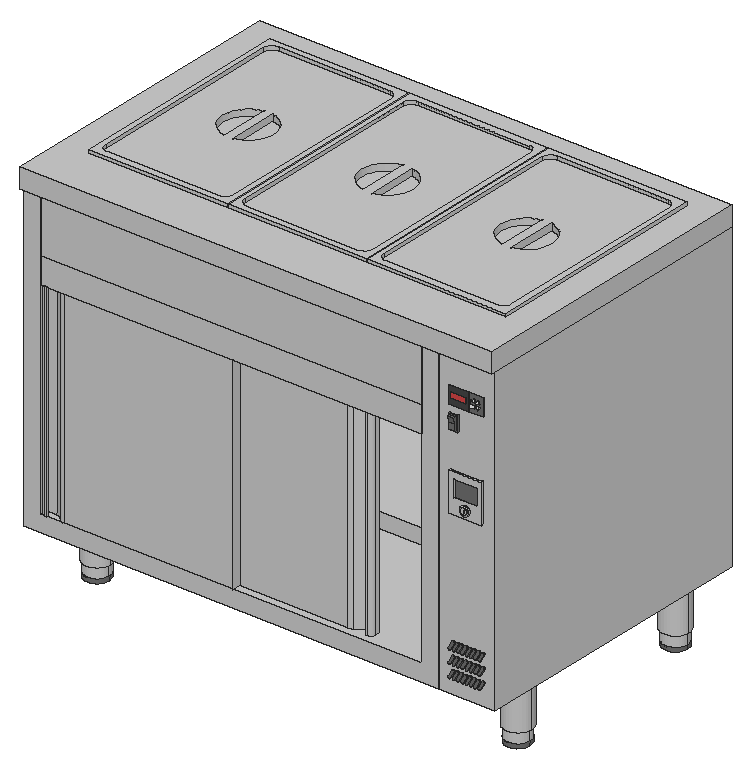
Revit family "QF_INOMAK_MHV711_250605093845", category Specialty Equipment, Revit 2021
Family settings
  Round Connector Dimension = Use Diameter
  Part Type = Normal
  OmniClass Number = 23.40.40.14
  OmniClass Title = Food Service Equipment
  Work Plane-Based = No
  Always vertical = Yes
  Cut with Voids When Loaded = No
  Shared = No
  Room Calculation Point = No
Parameters (values of type "MHV711")
  Weight [instance] = 53.00 kg
  Waste Water Discharge Temperature [instance] = 0 °C
  Waste Remarks [instance] = ""
  Warranty Start Date [instance] = ""
  Warranty Duration [instance] = ""
  Volts [instance] = 400 V
  Volt Free Conn [instance] = no
  URL Recommended Spares List [instance] = ""
  URL Manufacturer [instance] = ""
  URL Cutsheet [instance] = ""
  URL Critical Spares List [instance] = ""
  URL = "www.inomak.com"
  Technical Documentation [instance] = ""
  Tag Number [instance] = ""
  Status [instance] = ""
  Start Up Current [instance] = 0 A
  Specification by User [instance] = ""
  Specification by Manufacturer [instance] = ""
  Sound Level [instance] = ""
  Show Logo [instance] = yes
  Show Clearances [instance] = yes
  Service Life Duration [instance] = ""
  Serial Number [instance] = ""
  Seismic Rating [instance] = ""
  SMACNA No [instance] = ""
  Revision Code [instance] = ""
  Revision [instance] = ""
  Production Year [instance] = ""
  Potential Equalisation [instance] = no
  Point Load [instance] = 0
  Plumbing Remarks [instance] = ""
  Plumbing Connection Type [instance] = ""
  Phase [instance] = 3
  Other Equipment Approvals [instance] = ""
  Operational Current [instance] = 0 A
  Odor Trap Included [instance] = no
  Number of Poles [instance] = 3
  No Load Power Draw [instance] = no
  National Water Regulation Certification [instance] = no
  NAFEM Spec ID Number [instance] = ""
  Model Warning [instance] = ""
  Model = "MHV711"
  Min Ckt Ampacity [instance] = 0 A
  Max Overcurrent Protection [instance] = 10 A
  Masterspec [instance] = ""
  Manufacturer = "INOMAK"
  Main switch integrated [instance] = no
  Length Actual [instance] = 1102 mm
  Item Number [instance] = ""
  Installed By [instance] = ""
  Installation Date [instance] = ""
  Indirect Waste Size [instance] = 25.4 mm
  Indirect Waste Remarks [instance] = ""
  Indirect Waste Flow [instance] = 0.0 L/s
  Indirect Waste Connection Type [instance] = ""
  Indirect Waste Connection Height [instance] = 0 mm
  Identify Quantity as Lot [instance] = no
  ID [instance] = ""
  Hygiene Approval [instance] = ""
  Height Actual [instance] = 900 mm
  HP power [instance] = ""
  Furnished By [instance] = ""
  Foodservice Equipment Identifier [instance] = no
  FL Amps [instance] = 16.8 A
  Electrical Remarks [instance] = ""
  Electric power [instance] = 3840 W
  Electric Connection Type [instance] = ""
  Elec Conn RI Height [instance] = 0 mm
  Elec Conn Connection Height [instance] = 0 mm
  ETL Approved [instance] = no
  Direct Waste Water Discharge Temperature [instance] = -273.15 °C
  Direct Waste Size [instance] = 25.4 mm
  Direct Waste RI Height [instance] = 0 mm
  Direct Waste Flow [instance] = 0.0 L/s
  Direct Waste Connection Height [instance] = 0 mm
  Description = "BAIN MARIE ON HEATED CUPBOARD WITH 2 GN PANS CAPACITY"
  Depth Actual [instance] = 700 mm
  Default Elevation = 0 mm
  Cycle [instance] = 50 Hz
  Cost = 0
  Connection to energy optimisation system [instance] = yes
  Conn Plug [instance] = ""
  Conn Conduit [instance] = no
  Cold Water Temperature Recommended [instance] = 0 °C
  Cold Water Size [instance] = 12.7 mm
  Cold Water Remarks [instance] = ""
  Cold Water RI Height [instance] = 0 mm
  Cold Water Quality [instance] = ""
  Cold Water Minimum Pressure [instance] = 200000.0 Pa
  Cold Water Maximum Pressure [instance] = 600000.0 Pa
  Cold Water Flow [instance] = 0.0 L/s
  Cold Water Connection Type [instance] = ""
  Cold Water Connection Height [instance] = 0 mm
  Centralized building control system with digital interface [instance] = ""
  CSI MasterFormat [instance] = ""
  CE Approved [instance] = no
  Barcode [instance] = 0
  Author [instance] = ""
  Asset Identifier [instance] = ""
  Apparent Power [instance] = 3840 VA
  Accessory [instance] = no
Reference planes
  plane 1 "Center (Front/Back)": y = 0
  plane 2: z = 0
  plane 3 "Center (Left/Right)": x = 0
Forms (mm)
  Extrusion 1, solid, not visible
    sketch origin (110.005, -510.025, 146.007) x (1, 0, 0) y (0, 1, 0)
      loop
        line (-2, 2) -> (-2, -2) -> (2, -2) -> (2, 2) -> (-2, 2)
    from -2 to 2
  Extrusion 2, solid, not visible
    sketch origin (110.005, -510.025, 146.007) x (1, 0, 0) y (0, 1, 0)
      loop
        line (-2, 2) -> (-2, -2) -> (2, -2) -> (2, 2) -> (-2, 2)
    from -2 to 2
  Extrusion 3, solid, not visible
    sketch origin (1055.051, -635.031, 146.007) x (1, 0, 0) y (0, 1, 0)
      loop
        line (-2, 2) -> (-2, -2) -> (2, -2) -> (2, 2) -> (-2, 2)
    from -2 to 2
Dimensions and locks
  locked: nested 2 to Extrusion 1 at 2  (x2)
  locked: nested 3 to Extrusion 2 at 2  (x2)
  locked: nested 4 to Extrusion 3 at 2  (x2)
  aligned and locked: level to plane 2
Nested families
  nested 1: "QF_INOMAK_CUPBOARD_BAIN_MARIES_1105_2920" at (0, 0, 144), type "MHV711"
    with Weight 53.00 kg, Warranty Start Date "", Warranty Duration "", URL Cutsheet "", Technical Documentation "", Tag Number "", Status "", Specification by User "", Specification by Manufacturer "", Sound Level "", Solid Fuel Type "", Show Logo yes, Show Clearances yes, Service Life Duration "", Serial Number "", Seismic Rating "", SMACNA No "", Revision Code "", Revision "", Production Year "", Point Load 0, Other Equipment Approvals "", NAFEM Spec ID Number "", Model Warning "", Masterspec "", Length Actual 1102 mm, Item Number "", Installed By "", Installation Date "", Identify Quantity as Lot yes, ID "", Hygiene Approval "", Height Actual 900 mm, Furnished By "", Foodservice Equipment Identifier yes, ETL Approved yes, Depth Actual 700 mm, CSI MasterFormat "", CE Approved yes, Barcode "", Author "", Asset Identifier "", Accessory no
  nested 2: "CONN_POINT_COLDWATER_2D___Generic_Annotation" at (110.005, -510.025, 144.007), type "CONN_POINT_COLDWATER_2D___Generic_Annotation"
    with Onboard connection annotation symbol visibility yes
  nested 3: "CONN_POINT_DRAIN_2D___Generic_Annotation" at (110.005, -510.025, 144.007), type "CONN_POINT_DRAIN_2D___Generic_Annotation"
    with Onboard connection annotation symbol visibility yes
  nested 4: "CONN_POINT_ELE_2D___Generic_Annotation" at (1055.051, -635.031, 144.007), type "CONN_POINT_ELE_2D___Generic_Annotation"
    with Onboard connection annotation symbol visibility yes
  nested 5: "QF_INOMAK_LEGS_4995" at (0, 0, 0), type "LG-1105-700"
    with Weight 0.00 kg, Warranty Start Date "", Warranty Duration "", URL Cutsheet "", Technical Documentation "", Tag Number "", Status "", Specification by User "", Specification by Manufacturer "", Sound Level "", Solid Fuel Type "", Show Logo yes, Show Clearances yes, Service Life Duration "", Serial Number "", Seismic Rating "", SMACNA No "", Revision Code "", Revision "", Production Year "", Point Load 0, Other Equipment Approvals "", NAFEM Spec ID Number "", Model Warning "", Masterspec "", Length Actual 1103 mm, Item Number "", Installed By "", Installation Date "", Identify Quantity as Lot yes, ID "", Hygiene Approval "", Height Actual 144 mm, Furnished By "", Foodservice Equipment Identifier yes, ETL Approved yes, Depth Actual 700 mm, CSI MasterFormat "", CE Approved yes, Barcode "", Author "", Asset Identifier "", Accessory yes
Connectors
  piping at (110.005, -510.025, 144.007), diameter 12.7, driven by "Cold Water Size", driven by "Cold Water Flow"
    settings: on Extrusion 1, index 1, connector inside diameter 609.6 mm, connector length 0 mm, flow factor 0, pipe flow 0.0 L/s, pressure drop 0.0 Pa, fitting loss kfactor 0, connector angle 0.00°, fixture units 0, engagement length 0 mm, angle of deflection 0.00°, flow configuration 1, flow direction 1, fitting loss method 0, system type 20, joint type 0, gender type 0, connector reference index -1, connector utility 0, adjustable connector no, is connector primary yes, connector description "Cold Water connection for MHV711"
  piping at (110.005, -510.025, 144.007), diameter 25.4, driven by "Indirect Waste Size", driven by "Direct Waste Flow"
    settings: on Extrusion 2, index 2, connector inside diameter 609.6 mm, connector length 0 mm, flow factor 0, pipe flow 0.0 L/s, pressure drop 0.0 Pa, fitting loss kfactor 0, connector angle 0.00°, fixture units 0, engagement length 0 mm, angle of deflection 0.00°, flow configuration 1, flow direction 2, fitting loss method 0, system type 16, joint type 0, gender type 0, connector reference index -1, connector utility 0, adjustable connector no, is connector primary no, connector description "Waste connection for MHV711"
  electrical at (1055.051, -635.031, 144.007), driven by "Apparent Power", driven by "Number of Poles", driven by "Volts"
    settings: on Extrusion 3, index 3, voltage 400 V, apparent load 0 VA, apparent load phase1 3840 VA, apparent load phase2 0 VA, apparent load phase3 0 VA, power factor 1, load classification "Other", number of poles 3, system type 31, power factor state 1, is connector primary yes, connector utility no, sub classification motor no, connector description "Electrical connection for MHV711"
Definition of nested family "QF_INOMAK_CUPBOARD_BAIN_MARIES_1105_2920"
  Parameters (values of type "MFV711")
    Weight [instance] = 0.00 kg
    Warranty Start Date [instance] = ""
    Warranty Duration [instance] = ""
    URL Cutsheet [instance] = ""
    URL = "www.inomak.com"
    Technical Documentation [instance] = ""
    Tag Number [instance] = ""
    Status [instance] = ""
    Specification by User [instance] = ""
    Specification by Manufacturer [instance] = ""
    Sound Level [instance] = ""
    Solid Fuel Type [instance] = ""
    Show Logo [instance] = yes
    Show Clearances [instance] = yes
    Service Life Duration [instance] = ""
    Serial Number [instance] = ""
    Seismic Rating [instance] = ""
    SMACNA No [instance] = ""
    Revision Code [instance] = ""
    Revision [instance] = ""
    Production Year [instance] = ""
    Point Load [instance] = 0
    Other Equipment Approvals [instance] = ""
    NAFEM Spec ID Number [instance] = ""
    Model Warning [instance] = ""
    Model = "MFV711"
    Masterspec [instance] = ""
    Manufacturer = "INOMAK"
    Length Actual [instance] = 0 mm
    Item Number [instance] = ""
    Installed By [instance] = ""
    Installation Date [instance] = ""
    Identify Quantity as Lot [instance] = yes
    ID [instance] = ""
    Hygiene Approval [instance] = ""
    Height Actual [instance] = 0 mm
    Furnished By [instance] = ""
    Foodservice Equipment Identifier [instance] = yes
    ETL Approved [instance] = yes
    Description = "BAIN MARIE ON CUPBOARD WITH 2 GN PANS CAPACITY AND SHOWCASE"
    Depth Actual [instance] = 0 mm
    Default Elevation = 0 mm
    CSI MasterFormat [instance] = ""
    CE Approved [instance] = yes
    Barcode [instance] = ""
    Author [instance] = ""
    Asset Identifier [instance] = ""
    Assembly Code = "E1090320"
    Accessory [instance] = yes
  Types (10, lengths in mm): name | Model | Description
    MFV711 | "MFV711" | "BAIN MARIE ON CUPBOARD WITH 2 GN PANS CAPACITY AND SHOWCASE"
    MVV711 | "MVV711" | "BAIN MARIE ON CUPBOARD WITH 2 GN PANS CAPACITY AND SINGLE SNEEZE GUARD"
    MFSQ711 | "MFSQ711" | "BAIN MARIE ON CUPBOARD WITH 2 GN PANS CAPACITY AND SQUARE SHOWCASE"
    MHV711 | "MHV711" | "BAIN MARIE ON HEATED CUPBOARD WITH 2 GN PANS CAPACITY"
    MDV711 | "MDV711" | "BAIN MARIE ON CUPBOARD WITH 2 GN PANS CAPACITY"
    MRV711 | "MRV711" | "BAIN MARIE ON CUPBOARD WITH 2 GN PANS CAPACITY AND DOUBLE SNEEZE GUARD"
    MIV711 | "MIV711" | "BAIN MARIE ON HEATED CUPBOARD WITH 2 GN PANS CAPACITY AND SHOWCASE"
    MJV711 | "MJV711" | "BAIN MARIE ON HEATED CUPBOARD WITH 2 GN PANS CAPACITY AND SINGLE SNEEZE GUARD"
    MQV711 | "MQV711" | "BAIN MARIE ON HEATED CUPBOARD WITH 2 GN PANS CAPACITY AND DOUBLE SNEEZE GUARD"
    MISQ711 | "MISQ711" | "BAIN MARIE ON HEATED CUPBOARD WITH 2 GN PANS CAPACITY AND SQUARE SHOWCASE"
  Reference planes
    plane 1 "Back": y = 0
    plane 2: z = 0
    plane 3 "Left": x = 0
    plane 4 "Right": x = 1102
    plane 5 "Front": y = -700
    plane 6 "Top": z = 756
  Forms (mm)
    Extrusion 1, solid
      sketch origin (479.783, -707, -123.631) x (-1, 0, 0) y (0, 0, 1)
        loop
          arc (-522.253, 235.165) -> (-526.351, 236.263) -> (-527.449, 232.165) r 3
          line (-527.449, 232.165) -> (-518.449, 216.577)
          arc (-518.449, 216.577) -> (-514.351, 215.479) -> (-513.253, 219.577) r 3
          line (-513.253, 219.577) -> (-522.253, 235.165)
        loop
          arc (-532.253, 235.165) -> (-536.351, 236.263) -> (-537.449, 232.165) r 3
          line (-537.449, 232.165) -> (-528.449, 216.577)
          arc (-528.449, 216.577) -> (-524.351, 215.479) -> (-523.253, 219.577) r 3
          line (-523.253, 219.577) -> (-532.253, 235.165)
        loop
          arc (-542.253, 235.165) -> (-546.351, 236.263) -> (-547.449, 232.165) r 3
          line (-547.449, 232.165) -> (-538.449, 216.577)
          arc (-538.449, 216.577) -> (-534.351, 215.479) -> (-533.253, 219.577) r 3
          line (-533.253, 219.577) -> (-542.253, 235.165)
        loop
          arc (-552.253, 235.165) -> (-556.351, 236.263) -> (-557.449, 232.165) r 3
          line (-557.449, 232.165) -> (-548.449, 216.577)
          arc (-548.449, 216.577) -> (-544.351, 215.479) -> (-543.253, 219.577) r 3
          line (-543.253, 219.577) -> (-552.253, 235.165)
        loop
          arc (-562.253, 235.165) -> (-566.351, 236.263) -> (-567.449, 232.165) r 3
          line (-567.449, 232.165) -> (-558.449, 216.577)
          arc (-558.449, 216.577) -> (-554.351, 215.479) -> (-553.253, 219.577) r 3
          line (-553.253, 219.577) -> (-562.253, 235.165)
        loop
          arc (-572.253, 235.165) -> (-576.351, 236.263) -> (-577.449, 232.165) r 3
          line (-577.449, 232.165) -> (-568.449, 216.577)
          arc (-568.449, 216.577) -> (-564.351, 215.479) -> (-563.253, 219.577) r 3
          line (-563.253, 219.577) -> (-572.253, 235.165)
        loop
          arc (-582.253, 235.165) -> (-586.351, 236.263) -> (-587.449, 232.165) r 3
          line (-587.449, 232.165) -> (-578.449, 216.577)
          arc (-578.449, 216.577) -> (-574.351, 215.479) -> (-573.253, 219.577) r 3
          line (-573.253, 219.577) -> (-582.253, 235.165)
        loop
          arc (-592.253, 235.165) -> (-596.351, 236.263) -> (-597.449, 232.165) r 3
          line (-597.449, 232.165) -> (-588.449, 216.577)
          arc (-588.449, 216.577) -> (-584.351, 215.479) -> (-583.253, 219.577) r 3
          line (-583.253, 219.577) -> (-592.253, 235.165)
        loop
          arc (-522.253, 205.165) -> (-526.351, 206.263) -> (-527.449, 202.165) r 3
          line (-527.449, 202.165) -> (-518.449, 186.577)
          arc (-518.449, 186.577) -> (-514.351, 185.479) -> (-513.253, 189.577) r 3
          line (-513.253, 189.577) -> (-522.253, 205.165)
        loop
          arc (-532.253, 205.165) -> (-536.351, 206.263) -> (-537.449, 202.165) r 3
          line (-537.449, 202.165) -> (-528.449, 186.577)
          arc (-528.449, 186.577) -> (-524.351, 185.479) -> (-523.253, 189.577) r 3
          line (-523.253, 189.577) -> (-532.253, 205.165)
        loop
          arc (-542.253, 205.165) -> (-546.351, 206.263) -> (-547.449, 202.165) r 3
          line (-547.449, 202.165) -> (-538.449, 186.577)
          arc (-538.449, 186.577) -> (-534.351, 185.479) -> (-533.253, 189.577) r 3
          line (-533.253, 189.577) -> (-542.253, 205.165)
        loop
          arc (-552.253, 205.165) -> (-556.351, 206.263) -> (-557.449, 202.165) r 3
          line (-557.449, 202.165) -> (-548.449, 186.577)
          arc (-548.449, 186.577) -> (-544.351, 185.479) -> (-543.253, 189.577) r 3
          line (-543.253, 189.577) -> (-552.253, 205.165)
        loop
          arc (-562.253, 205.165) -> (-566.351, 206.263) -> (-567.449, 202.165) r 3
          line (-567.449, 202.165) -> (-558.449, 186.577)
          arc (-558.449, 186.577) -> (-554.351, 185.479) -> (-553.253, 189.577) r 3
          line (-553.253, 189.577) -> (-562.253, 205.165)
        loop
          arc (-572.253, 205.165) -> (-576.351, 206.263) -> (-577.449, 202.165) r 3
          line (-577.449, 202.165) -> (-568.449, 186.577)
          arc (-568.449, 186.577) -> (-564.351, 185.479) -> (-563.253, 189.577) r 3
          line (-563.253, 189.577) -> (-572.253, 205.165)
        loop
          arc (-582.253, 205.165) -> (-586.351, 206.263) -> (-587.449, 202.165) r 3
          line (-587.449, 202.165) -> (-578.449, 186.577)
          arc (-578.449, 186.577) -> (-574.351, 185.479) -> (-573.253, 189.577) r 3
          line (-573.253, 189.577) -> (-582.253, 205.165)
        loop
          arc (-592.253, 205.165) -> (-596.351, 206.263) -> (-597.449, 202.165) r 3
          line (-597.449, 202.165) -> (-588.449, 186.577)
          arc (-588.449, 186.577) -> (-584.351, 185.479) -> (-583.253, 189.577) r 3
          line (-583.253, 189.577) -> (-592.253, 205.165)
        loop
          arc (-522.253, 175.165) -> (-526.351, 176.263) -> (-527.449, 172.165) r 3
          line (-527.449, 172.165) -> (-518.449, 156.577)
          arc (-518.449, 156.577) -> (-514.351, 155.479) -> (-513.253, 159.577) r 3
          line (-513.253, 159.577) -> (-522.253, 175.165)
        loop
          arc (-532.253, 175.165) -> (-536.351, 176.263) -> (-537.449, 172.165) r 3
          line (-537.449, 172.165) -> (-528.449, 156.577)
          arc (-528.449, 156.577) -> (-524.351, 155.479) -> (-523.253, 159.577) r 3
          line (-523.253, 159.577) -> (-532.253, 175.165)
        loop
          arc (-542.253, 175.165) -> (-546.351, 176.263) -> (-547.449, 172.165) r 3
          line (-547.449, 172.165) -> (-538.449, 156.577)
          arc (-538.449, 156.577) -> (-534.351, 155.479) -> (-533.253, 159.577) r 3
          line (-533.253, 159.577) -> (-542.253, 175.165)
        loop
          arc (-552.253, 175.165) -> (-556.351, 176.263) -> (-557.449, 172.165) r 3
          line (-557.449, 172.165) -> (-548.449, 156.577)
          arc (-548.449, 156.577) -> (-544.351, 155.479) -> (-543.253, 159.577) r 3
          line (-543.253, 159.577) -> (-552.253, 175.165)
        loop
          arc (-562.253, 175.165) -> (-566.351, 176.263) -> (-567.449, 172.165) r 3
          line (-567.449, 172.165) -> (-558.449, 156.577)
          arc (-558.449, 156.577) -> (-554.351, 155.479) -> (-553.253, 159.577) r 3
          line (-553.253, 159.577) -> (-562.253, 175.165)
        loop
          arc (-572.253, 175.165) -> (-576.351, 176.263) -> (-577.449, 172.165) r 3
          line (-577.449, 172.165) -> (-568.449, 156.577)
          arc (-568.449, 156.577) -> (-564.351, 155.479) -> (-563.253, 159.577) r 3
          line (-563.253, 159.577) -> (-572.253, 175.165)
        loop
          arc (-582.253, 175.165) -> (-586.351, 176.263) -> (-587.449, 172.165) r 3
          line (-587.449, 172.165) -> (-578.449, 156.577)
          arc (-578.449, 156.577) -> (-574.351, 155.479) -> (-573.253, 159.577) r 3
          line (-573.253, 159.577) -> (-582.253, 175.165)
        loop
          arc (-592.253, 175.165) -> (-596.351, 176.263) -> (-597.449, 172.165) r 3
          line (-597.449, 172.165) -> (-588.449, 156.577)
          arc (-588.449, 156.577) -> (-584.351, 155.479) -> (-583.253, 159.577) r 3
          line (-583.253, 159.577) -> (-592.253, 175.165)
      from 16.5 to 18.5
    Extrusion 2, solid
      sketch origin (787.766, -692, 538.514) x (-1, 0, 0) y (0, 0, 1)
        loop
          line (-208.234, 108.408) -> (-253.234, 108.408) -> (-253.234, 68.408) -> (-208.234, 68.408) -> (-208.234, 108.408)
      from 0 to 2
    Extrusion 3, solid
      sketch origin (66, -693, 539.422) x (-1, 0, 0) y (0, 0, 1)
        loop
          line (-950, 15) -> (-930, 15) -> (-930, 50) -> (-950, 50) -> (-950, 15)
      from 0 to 3
    Extrusion 4, solid
      sketch origin (94, -568, 539.422) x (0, 1, 0) y (0, 0, 1)
        loop
          line (-125, 18) -> (-125, 47)
          arc (-125, 47) -> (-127.961, 46.812) -> (-130.754, 45.81) r 10.576
          line (-130.754, 45.81) -> (-128, 32.5) -> (-128, 18) -> (-125, 18)
      from 905 to 919
    Extrusion 5, solid
      sketch origin (832.766, -692, 538.514) x (-1, 0, 0) y (0, 0, 1)
        loop
          line (-208.234, 108.408) -> (-243.234, 108.408) -> (-243.234, 68.408) -> (-208.234, 68.408) -> (-208.234, 108.408)
      from 0 to 2
    Extrusion 6, solid
      sketch origin (787.766, -692.5, 538.514) x (-1, 0, 0) y (0, 0, 1)
        loop
          line (-213.234, 94.908) -> (-248.234, 94.908) -> (-248.234, 81.908) -> (-213.234, 81.908) -> (-213.234, 94.908)
      from 0 to 2.5
    Extrusion 7, solid
      sketch origin (787.766, -692.5, 538.514) x (-1, 0, 0) y (0, 0, 1)
        loop
          line (-271.558, 91.171) -> (-275.802, 98.522) -> (-280.047, 91.171) -> (-271.558, 91.171)
        loop
          line (-271.558, 85.645) -> (-280.047, 85.645) -> (-275.802, 78.294) -> (-271.558, 85.645)
        loop
          line (-257.397, 85.645) -> (-267.397, 85.645) -> (-267.397, 78.294) -> (-257.397, 78.294) -> (-257.397, 85.645)
        loop
          line (-265.397, 98.522) -> (-267.397, 98.522) -> (-267.397, 92.322) -> (-259.549, 92.322) -> (-259.549, 91.171) -> (-257.397, 93.322) -> (-259.549, 95.474) -> (-259.549, 94.322) -> (-265.397, 94.322) -> (-265.397, 98.522)
      from 0 to 2.5
    Extrusion 8, solid
      sketch origin (8.5, 0, 492) x (1, 0, 0) y (0, 1, 0)
        loop
          line (55, -50) -> (55, -580) -> (380, -580) -> (380, -50) -> (55, -50)
        loop
          arc (87.5, -65) -> (73.358, -70.858) -> (67.5, -85) r 20
          line (67.5, -85) -> (67.5, -545.415)
          arc (67.5, -545.415) -> (73.358, -559.557) -> (87.5, -565.415) r 20
          line (87.5, -565.415) -> (347.5, -565.415)
          arc (347.5, -565.415) -> (361.642, -559.557) -> (367.5, -545.415) r 20
          line (367.5, -545.415) -> (367.5, -85)
          arc (367.5, -85) -> (361.642, -70.858) -> (347.5, -65) r 20
          line (347.5, -65) -> (87.5, -65)
      from 218 to 270
    Extrusion 9, solid
      sketch origin (8.5, 0, 485) x (1, 0, 0) y (0, 1, 0)
        loop
          arc (67.5, -545.415) -> (73.358, -559.557) -> (87.5, -565.415) r 20
          line (87.5, -565.415) -> (347.5, -565.415)
          arc (347.5, -565.415) -> (361.642, -559.557) -> (367.5, -545.415) r 20
          line (367.5, -545.415) -> (367.5, -85)
          arc (367.5, -85) -> (361.642, -70.858) -> (347.5, -65) r 20
          line (347.5, -65) -> (87.5, -65)
          arc (87.5, -65) -> (73.358, -70.858) -> (67.5, -85) r 20
          line (67.5, -85) -> (67.5, -545.415)
      from 225 to 270
    Extrusion 10, void
      sketch origin (8.5, 0, 500) x (1, 0, 0) y (0, 1, 0)
        loop
          arc (207.5, -256.046) -> (157.5, -315.207) -> (207.5, -374.368) r 60
          line (207.5, -374.368) -> (207.5, -256.046)
        loop
          line (227.5, -256.046) -> (227.5, -374.368)
          arc (227.5, -374.368) -> (277.5, -315.207) -> (227.5, -256.046) r 60
      from 240 to 270
    Extrusion 11, solid
      sketch origin (333.5, 0, 492) x (1, 0, 0) y (0, 1, 0)
        loop
          line (55, -50) -> (55, -580) -> (380, -580) -> (380, -50) -> (55, -50)
        loop
          arc (87.5, -65) -> (73.358, -70.858) -> (67.5, -85) r 20
          line (67.5, -85) -> (67.5, -545.415)
          arc (67.5, -545.415) -> (73.358, -559.557) -> (87.5, -565.415) r 20
          line (87.5, -565.415) -> (347.5, -565.415)
          arc (347.5, -565.415) -> (361.642, -559.557) -> (367.5, -545.415) r 20
          line (367.5, -545.415) -> (367.5, -85)
          arc (367.5, -85) -> (361.642, -70.858) -> (347.5, -65) r 20
          line (347.5, -65) -> (87.5, -65)
      from 218 to 270
    Extrusion 12, solid
      sketch origin (333.5, 0, 485) x (1, 0, 0) y (0, 1, 0)
        loop
          arc (67.5, -545.415) -> (73.358, -559.557) -> (87.5, -565.415) r 20
          line (87.5, -565.415) -> (347.5, -565.415)
          arc (347.5, -565.415) -> (361.642, -559.557) -> (367.5, -545.415) r 20
          line (367.5, -545.415) -> (367.5, -85)
          arc (367.5, -85) -> (361.642, -70.858) -> (347.5, -65) r 20
          line (347.5, -65) -> (87.5, -65)
          arc (87.5, -65) -> (73.358, -70.858) -> (67.5, -85) r 20
          line (67.5, -85) -> (67.5, -545.415)
      from 225 to 270
    Extrusion 13, void
      sketch origin (333.5, 0, 500) x (1, 0, 0) y (0, 1, 0)
        loop
          arc (207.5, -256.046) -> (157.5, -315.207) -> (207.5, -374.368) r 60
          line (207.5, -374.368) -> (207.5, -256.046)
        loop
          line (227.5, -256.046) -> (227.5, -374.368)
          arc (227.5, -374.368) -> (277.5, -315.207) -> (227.5, -256.046) r 60
      from 240 to 270
    Extrusion 14, solid
      sketch origin (658.5, 0, 492) x (1, 0, 0) y (0, 1, 0)
        loop
          line (55, -50) -> (55, -580) -> (380, -580) -> (380, -50) -> (55, -50)
        loop
          arc (87.5, -65) -> (73.358, -70.858) -> (67.5, -85) r 20
          line (67.5, -85) -> (67.5, -545.415)
          arc (67.5, -545.415) -> (73.358, -559.557) -> (87.5, -565.415) r 20
          line (87.5, -565.415) -> (347.5, -565.415)
          arc (347.5, -565.415) -> (361.642, -559.557) -> (367.5, -545.415) r 20
          line (367.5, -545.415) -> (367.5, -85)
          arc (367.5, -85) -> (361.642, -70.858) -> (347.5, -65) r 20
          line (347.5, -65) -> (87.5, -65)
      from 218 to 270
    Extrusion 15, solid
      sketch origin (658.5, 0, 485) x (1, 0, 0) y (0, 1, 0)
        loop
          arc (67.5, -545.415) -> (73.358, -559.557) -> (87.5, -565.415) r 20
          line (87.5, -565.415) -> (347.5, -565.415)
          arc (347.5, -565.415) -> (361.642, -559.557) -> (367.5, -545.415) r 20
          line (367.5, -545.415) -> (367.5, -85)
          arc (367.5, -85) -> (361.642, -70.858) -> (347.5, -65) r 20
          line (347.5, -65) -> (87.5, -65)
          arc (87.5, -65) -> (73.358, -70.858) -> (67.5, -85) r 20
          line (67.5, -85) -> (67.5, -545.415)
      from 225 to 270
    Extrusion 16, void
      sketch origin (658.5, 0, 500) x (1, 0, 0) y (0, 1, 0)
        loop
          arc (207.5, -256.046) -> (157.5, -315.207) -> (207.5, -374.368) r 60
          line (207.5, -374.368) -> (207.5, -256.046)
        loop
          line (227.5, -256.046) -> (227.5, -374.368)
          arc (227.5, -374.368) -> (277.5, -315.207) -> (227.5, -256.046) r 60
      from 240 to 270
    Extrusion 17, solid
      sketch origin (0, 0, 710) x (1, 0, 0) y (0, 1, 0)
        loop
          line (0, 0) -> (0, -700) -> (1102, -700) -> (1102, 0) -> (0, 0)
        loop
          line (63.5, -50) -> (63.5, -580) -> (1038.5, -580) -> (1038.5, -50) -> (63.5, -50)
      from 0 to 46
    Extrusion 18, solid
      sketch origin (0, 0, 0) x (1, 0, 0) y (0, 1, 0)
        loop
          line (0, -690) -> (40, -690) -> (40, -40) -> (930, -40) -> (930, -690) -> (970, -690) -> (970, 0) -> (0, 0) -> (0, -690)
      from 0 to 710
    Extrusion 19, solid
      sketch origin (-1.5, 0, 0) x (1, 0, 0) y (0, 1, 0)
        loop
          line (971.5, 0) -> (971.5, -690) -> (1103.5, -690) -> (1103.5, 0) -> (971.5, 0)
      from 0 to 710
    Extrusion 20, solid
      sketch origin (-130, -690, 0) x (-1, 0, 0) y (0, 1, 0)
        loop
          line (-170, 10) -> (-170, 20) -> (-620, 20) -> (-620, 0) -> (-226.156, 0)
          arc (-226.156, 0) -> (-220.272, 0.885) -> (-214.91, 3.461) r 20
          line (-214.91, 3.461) -> (-195, 17) -> (-173, 17) -> (-173, 10)
          arc (-173, 10) -> (-175.05, 5.05) -> (-180, 3) r 7
          line (-180, 3) -> (-185.012, 3) -> (-185.012, 0) -> (-180, 0)
          arc (-180, 0) -> (-172.929, 2.929) -> (-170, 10) r 10
      from -40 to -520
    Extrusion 21, solid
      sketch origin (-131.5, -690, 0) x (-1, 0, 0) y (0, 1, 0)
        loop
          arc (-930, 30) -> (-927.071, 22.929) -> (-920, 20) r 10
          line (-920, 20) -> (-914.988, 20) -> (-914.988, 23) -> (-920, 23)
          arc (-920, 23) -> (-924.95, 25.05) -> (-927, 30) r 7
          line (-927, 30) -> (-927, 37) -> (-905, 37) -> (-885.09, 23.461)
          arc (-885.09, 23.461) -> (-879.728, 20.885) -> (-873.844, 20) r 20
          line (-873.844, 20) -> (-480, 20) -> (-480, 40) -> (-930, 40) -> (-930, 30)
      from -40 to -520
    Extrusion 22, solid
      sketch origin (0, 0, 0) x (1, 0, 0) y (0, 1, 0)
        loop
          line (40, -40) -> (40, -690) -> (930, -690) -> (930, -40) -> (40, -40)
      from 0 to 40
    Extrusion 23, solid
      sketch origin (0.5, 0, 672.314) x (1, 0, 0) y (0, 1, 0)
        loop
          line (39.5, -40) -> (39.5, -690) -> (929.5, -690) -> (929.5, -40) -> (39.5, -40)
      from -92.314 to 37.686
    Extrusion 24, solid
      sketch origin (0, 0, 610.314) x (1, 0, 0) y (0, 1, 0)
        loop
          line (40, -40) -> (40, -690) -> (930, -690) -> (930, -40) -> (40, -40)
      from -90.314 to -30.314
    Extrusion 25, solid
      sketch origin (-1.5, 0, 255) x (1, 0, 0) y (0, 1, 0)
        loop
          line (41.5, -40) -> (41.5, -645) -> (931.5, -645) -> (931.5, -40) -> (41.5, -40)
      from 0 to 35
    Extrusion 26, solid
      sketch origin (5.502, -695, 50) x (-1, 0, 0) y (0, 0, 1)
        loop
          line (-992.998, 421.076) -> (-1067.998, 421.076) -> (-1067.998, 331.076) -> (-992.998, 331.076) -> (-992.998, 421.076)
        loop
          line (-1003.957, 406.276) -> (-1058.957, 406.276) -> (-1058.957, 366.276) -> (-1003.957, 366.276) -> (-1003.957, 406.276)
      from 0 to 5
    Extrusion 27, solid
      sketch origin (5.502, -692, 50) x (-1, 0, 0) y (0, 0, 1)
        loop
          line (-1003.957, 406.276) -> (-1058.957, 406.276) -> (-1058.957, 366.276) -> (-1003.957, 366.276) -> (-1003.957, 406.276)
      from 0 to 2
    Revolve 28, solid
      sketch origin (1036, 59.612, -3292.415) x (0, 1, 0) y (0, 0, 1)
        loop
          line (-757.012, 3691.152) -> (-754.612, 3691.152) -> (-754.612, 3701.789) -> (-757.662, 3701.789) -> (-759.012, 3699.998) -> (-757.012, 3699.998) -> (-757.012, 3691.152)
        axis (-754.612, 3691.152) -> (-759.012, 3691.152)
      angle from 0 to 360
    Extrusion 29, solid
      sketch origin (-1055.627, -695, 2689.585) x (-1, 0, 0) y (0, 0, 1)
        loop
          line (-2090.827, -2287.348) -> (-2092.827, -2287.348) -> (-2092.827, -2294.348) -> (-2090.827, -2294.348) -> (-2090.827, -2287.348)
        loop
          circle (-2091.627, -2290.848) r 7.846
      from -4.4 to -2.4
  Cuts and joins
    Extrusion 10, Extrusion 13 cuts Extrusion 9
    Extrusion 13, Extrusion 16 cuts Extrusion 12
    Extrusion 16 cuts Extrusion 15
    joined: Extrusion 18, Extrusion 22
  Lines and regions (mm)
    symbolic lines
      curve 1: line (0, 0, 0) -> (1102, 0, 0)
      curve 2: line (0, -700, 0) -> (0, 0, 0)
      curve 3: line (1102, -700, 0) -> (0, -700, 0)
      curve 4: line (1102, 0, 0) -> (1102, -700, 0)
      curve 5: line (63.5, -50, 0) -> (1038.5, -50, 0)
      curve 6: line (63.5, -580, 0) -> (63.5, -50, 0)
      curve 7: line (1038.5, -580, 0) -> (63.5, -580, 0)
      curve 8: line (713.5, -50, 0) -> (713.5, -580, 0)
      curve 9: line (388.5, -50, 0) -> (388.5, -580, 0)
      curve 10: line (1038.5, -50, 0) -> (1038.5, -580, 0)
      curve 11: line (96, -65, 0) -> (356, -65, 0)
      curve 12: arc (76, -85, 0) -> (81.858, -70.858, 0) -> (96, -65, 0) r 20
      curve 13: line (76, -545.415, 0) -> (76, -85, 0)
      curve 14: arc (96, -565.415, 0) -> (81.858, -559.557, 0) -> (76, -545.415, 0) r 20
      curve 15: line (356, -565.415, 0) -> (96, -565.415, 0)
      curve 16: arc (376, -545.415, 0) -> (370.142, -559.557, 0) -> (356, -565.415, 0) r 20
      curve 17: line (376, -85, 0) -> (376, -545.415, 0)
      curve 18: arc (356, -65, 0) -> (370.142, -70.858, 0) -> (376, -85, 0) r 20
      curve 19: arc (216, -256.046, 0) -> (166, -315.207, 0) -> (216, -374.368, 0) r 60
      curve 20: line (216, -374.368, 0) -> (216, -256.046, 0)
      curve 21: line (236, -256.046, 0) -> (236, -374.368, 0)
      curve 22: arc (236, -374.368, 0) -> (286, -315.207, 0) -> (236, -256.046, 0) r 60
      curve 23: arc (401, -85, 0) -> (406.858, -70.858, 0) -> (421, -65, 0) r 20
      curve 24: line (421, -65, 0) -> (681, -65, 0)
      curve 25: arc (681, -65, 0) -> (695.142, -70.858, 0) -> (701, -85, 0) r 20
      curve 26: line (701, -85, 0) -> (701, -545.415, 0)
      curve 27: arc (701, -545.415, 0) -> (695.142, -559.557, 0) -> (681, -565.415, 0) r 20
      curve 28: line (681, -565.415, 0) -> (421, -565.415, 0)
      curve 29: arc (421, -565.415, 0) -> (406.858, -559.557, 0) -> (401, -545.415, 0) r 20
      curve 30: line (401, -545.415, 0) -> (401, -85, 0)
      curve 31: arc (541, -256.046, 0) -> (491, -315.207, 0) -> (541, -374.368, 0) r 60
      curve 32: line (541, -374.368, 0) -> (541, -256.046, 0)
      curve 33: line (561, -256.046, 0) -> (561, -374.368, 0)
      curve 34: arc (561, -374.368, 0) -> (611, -315.207, 0) -> (561, -256.046, 0) r 60
      curve 35: line (746, -65, 0) -> (1006, -65, 0)
      curve 36: arc (1006, -65, 0) -> (1020.142, -70.858, 0) -> (1026, -85, 0) r 20
      curve 37: line (1026, -85, 0) -> (1026, -545.415, 0)
      curve 38: arc (1026, -545.415, 0) -> (1020.142, -559.557, 0) -> (1006, -565.415, 0) r 20
      curve 39: line (1006, -565.415, 0) -> (746, -565.415, 0)
      curve 40: arc (746, -565.415, 0) -> (731.858, -559.557, 0) -> (726, -545.415, 0) r 20
      curve 41: line (726, -545.415, 0) -> (726, -85, 0)
      curve 42: arc (726, -85, 0) -> (731.858, -70.858, 0) -> (746, -65, 0) r 20
      curve 43: arc (866, -256.046, 0) -> (816, -315.207, 0) -> (866, -374.368, 0) r 60
      curve 44: line (866, -374.368, 0) -> (866, -256.046, 0)
      curve 45: line (886, -256.046, 0) -> (886, -374.368, 0)
      curve 46: arc (886, -374.368, 0) -> (936, -315.207, 0) -> (886, -256.046, 0) r 60
  Dimensions and locks
    plane 3 "Left" to plane 4 "Right" = 1102 mm
    plane 5 "Front" to plane 1 "Back" = 700 mm
    plane 6 "Top" to plane 2 = 756 mm
    aligned and locked: level to plane 2
Definition of nested family "QF_INOMAK_LEGS_4995"
  Parameters (values of type "LG-1545-700-BC")
    Weight [instance] = 0.00 kg
    Warranty Start Date [instance] = ""
    Warranty Duration [instance] = ""
    URL Cutsheet [instance] = ""
    URL = "www.inomak.com"
    Technical Documentation [instance] = ""
    Tag Number [instance] = ""
    Status [instance] = ""
    Specification by User [instance] = ""
    Specification by Manufacturer [instance] = ""
    Sound Level [instance] = ""
    Solid Fuel Type [instance] = ""
    Show Logo [instance] = yes
    Show Clearances [instance] = yes
    Service Life Duration [instance] = ""
    Serial Number [instance] = ""
    Seismic Rating [instance] = ""
    SMACNA No [instance] = ""
    Right offset = 300 mm
    Revision Code [instance] = ""
    Revision [instance] = ""
    Rear offset = 90 mm
    Production Year [instance] = ""
    Point Load [instance] = 0
    Other Equipment Approvals [instance] = ""
    NAFEM Spec ID Number [instance] = ""
    Model Warning [instance] = ""
    Model = "LG"
    Masterspec [instance] = ""
    Manufacturer = "INOMAK"
    Length Actual [instance] = 0 mm
    Length = 1546 mm
    Left offset = 100 mm
    Item Number [instance] = ""
    Installed By [instance] = ""
    Installation Date [instance] = ""
    Identify Quantity as Lot [instance] = yes
    ID [instance] = ""
    Hygiene Approval [instance] = ""
    Height Actual [instance] = 0 mm
    Height = 115 mm
    Furnished By [instance] = ""
    Front offset = 150 mm
    Foodservice Equipment Identifier [instance] = yes
    ETL Approved [instance] = yes
    Description = "STANDARD LEGS"
    Depth Actual [instance] = 0 mm
    Depth = 700 mm
    Default Elevation = 0 mm
    CentralLegs = if(Length > 1900 mm, 2 > 1, 2 < 1)  # no
    CSI MasterFormat [instance] = ""
    CE Approved [instance] = yes
    Barcode [instance] = ""
    Author [instance] = ""
    Asset Identifier [instance] = ""
    Assembly Code = "E1090320"
    Accessory [instance] = yes
  Types (14, lengths in mm): name | Right offset | Rear offset | Length | Left offset | Height | Front offset | Depth | CentralLegs
    LG-720-830 | 100 | 60 | 720 | 100 | 115 | 160 | 830 | no
    LG-1440-830 | 100 | 60 | 1440 | 100 | 115 | 160 | 830 | no
    LG-720-730 | 100 | 60 | 720 | 100 | 115 | 160 | 730 | no
    LG-1440-730 | 100 | 60 | 1440 | 100 | 115 | 160 | 730 | no
    LG-1105-700 | 60 | 90 | 1103 | 60 | 144 | 150 | 700 | no
    LG-1545-700 | 300 | 90 | 1546 | 100 | 144 | 150 | 700 | no
    LG-1995-700 | 300 | 90 | 1996 | 100 | 144 | 150 | 700 | yes
    LG-1545-700-BC | 300 | 90 | 1546 | 100 | 115 | 150 | 700 | no
    LG-1995-700-BC | 300 | 90 | 1996 | 100 | 115 | 150 | 700 | yes
    LG-1410-700 | 60 | 90 | 1406 | 60 | 144 | 150 | 700 | no
    LG-1795-700 | 60 | 90 | 1792 | 60 | 144 | 150 | 700 | no
    LG-1105-600 | 60 | 90 | 1103 | 60 | 144 | 150 | 600 | no
    LG-1545-600 | 300 | 90 | 1546 | 100 | 144 | 150 | 600 | no
    LG-1995-600 | 300 | 90 | 1996 | 100 | 144 | 150 | 600 | yes
  Reference planes
    plane 1 "Back": y = 0
    plane 2: z = 0
    plane 3 "Left": x = 0
    plane 4 "Right": x = 1546
    plane 5 "Front": y = -700
    plane 6 "Top": z = 115
    plane 7 "Left offset": x = 100
    plane 8 "Right offset": x = 1246
    plane 9 "Rear offset": y = -90
    plane 10 "Front offset": y = -550
    plane 11: x = 673
  Dimensions and locks
    "Length": plane 3 "Left" to plane 4 "Right"
    "Depth": plane 5 "Front" to plane 1 "Back"
    "Left offset": plane 3 "Left" to plane 7 "Left offset"
    "Right offset": plane 8 "Right offset" to plane 4 "Right"
    "Rear offset": plane 9 "Rear offset" to plane 1 "Back"
    "Front offset": plane 10 "Front offset" to plane 5 "Front"
    "Height": plane 6 "Top" to level
    equal spacing: plane 7 "Left offset", plane 11, plane 8 "Right offset"
    aligned and locked: level to plane 2
    aligned and locked: nested 2 to plane 8 "Right offset"
    aligned and locked: nested 3 to plane 8 "Right offset"
    aligned and locked: nested 4 to plane 7 "Left offset"
    aligned and locked: nested 4 to plane 10 "Front offset"
    aligned and locked: nested 3 to plane 10 "Front offset"
    aligned and locked: nested 1 to plane 7 "Left offset"
    aligned and locked: nested 1 to plane 9 "Rear offset"
    aligned and locked: nested 2 to plane 9 "Rear offset"
    aligned and locked: nested 5 to plane 11
    aligned and locked: nested 5 to plane 10 "Front offset"
  Nested families
    nested 1: "QF_INOMAK_LEG" at (100, -90, 0), type "QF_INOMAK_LEG"
      with Height 115 mm
    nested 2: "QF_INOMAK_LEG" at (1246, -90, 0), type "QF_INOMAK_LEG"
      with Height 115 mm
    nested 3: "QF_INOMAK_LEG" at (1246, -550, 0), type "QF_INOMAK_LEG"
      with Height 115 mm
    nested 4: "QF_INOMAK_LEG" at (100, -550, 0), type "QF_INOMAK_LEG"
      with Height 115 mm
    nested 5: "QF_INOMAK_LEG" at (673, -550, 0), visible <- "CentralLegs", type "QF_INOMAK_LEG"
      with Height 115 mm
  Definition of nested family "QF_INOMAK_LEG"
    Parameters (values of type "QF_INOMAK_LEG")
      Height = 118 mm
      Default Elevation = 0 mm
    Reference planes
      plane 1 "Center (Front/Back)": y = 0
      plane 2: z = 0
      plane 3 "Center (Left/Right)": x = 0
      plane 4 "Top": z = 118
    Forms (mm)
      Extrusion 1, solid
        sketch origin (0, 0, 118) x (0, 1, 0) y (-1, 0, 0)
          loop
            line (50, 45) -> (-50, 45) -> (-50, -45) -> (50, -45) -> (50, 45)
        from 0 to -3
      Extrusion 2, solid
        sketch origin (-199.986, 580, 0) x (1, 0, 0) y (0, 1, 0)
          loop
            circle (199.986, -580) r 28
        from 9 to 35
      Extrusion 3, solid
        sketch origin (-199.986, 580, 0) x (1, 0, 0) y (0, 1, 0)
          loop
            circle (199.986, -580) r 28.5
        from 0 to 9
      Sweep 4, solid
        path origin (0, 0, 0) x (0, 1, 0) y (0, 0, 1)
          loop
            line (0, 115) -> (0, 35)
        profile origin (0, 0, 75) x (1, 0, 0) y (0, 1, 0)
          loop
            circle (0, 0) r 32
    Dimensions and locks
      "Height": plane 4 "Top" to plane 2
      aligned and locked: level to plane 2
    Automatic sketch dimensions
      plane 1 "Center (Front/Back)" to Extrusion 1 sketch curve = 50 mm
      Extrusion 1 sketch curve to plane 1 "Center (Front/Back)" = 50 mm
      plane 3 "Center (Left/Right)" to Extrusion 1 sketch curve = 45 mm
      Extrusion 1 sketch curve to plane 3 "Center (Left/Right)" = 45 mm
      plane 1 "Center (Front/Back)" to Extrusion 2 sketch curve = 0 mm
      Extrusion 2 sketch curve to plane 3 "Center (Left/Right)" = 0 mm
      plane 1 "Center (Front/Back)" to Extrusion 3 sketch curve = 0 mm
      Extrusion 3 sketch curve to plane 3 "Center (Left/Right)" = 0 mm
      Sweep 4 sketch curve to plane 1 "Center (Front/Back)" = 0 mm
      level to Sweep 4 sketch curve = 35 mm
      Sweep 4 sketch curve to plane 4 "Top" = 3 mm
      Sweep 4 sketch curve to plane 3 "Center (Left/Right)" = 0 mm
      profile plane to Sweep 4 sketch curve = 0 mm
      radius of Extrusion 2 sketch curve = 28 mm
      radius of Extrusion 3 sketch curve = 28.5 mm
      radius of Sweep 4 sketch curve = 32 mm
Definition of nested family "CONN_POINT_COLDWATER_2D___Generic_Annotation"
  Parameters (values of type "CONN_POINT_COLDWATER_2D___Generic_Annotation")
    Onboard connection annotation symbol visibility [instance] = yes
  Reference planes
    plane 1: y = 0
    plane 2: x = 0
  Lines and regions (mm)
    detail lines, visible <- "Onboard connection annotation symbol visibility"
      curve 1: circle (0, 0, 0) r 0.5 normal (0, 0, 1)
      curve 2: line (-1, 0, 0) -> (1, 0, 0)
      curve 3: line (0, 1, 0) -> (0, -1, 0)
      curve 4: line (3.241, 1, 0) -> (3.717, -1, 0)
      curve 5: line (3.717, -1, 0) -> (4.193, 1, 0)
      curve 6: line (4.193, 1, 0) -> (4.669, -1, 0)
      curve 7: line (4.669, -1, 0) -> (5.145, 1, 0)
      curve 8: arc (2.67, 0.524, 0) -> (2.004, 1, 0) -> (1.337, 0.524, 0) r 0.704
      curve 9: arc (1.337, -0.524, 0) -> (2.004, -1, 0) -> (2.67, -0.524, 0) r 0.704
      curve 10: arc (1.337, 0.524, 0) -> (1.25, 0, 0) -> (1.337, -0.524, 0) r 1.616
Definition of nested family "CONN_POINT_DRAIN_2D___Generic_Annotation"
  Parameters (values of type "CONN_POINT_DRAIN_2D___Generic_Annotation")
    Onboard connection annotation symbol visibility [instance] = yes
  Reference planes
    plane 1: y = 0
    plane 2: x = 0
  Lines and regions (mm)
    detail lines, visible <- "Onboard connection annotation symbol visibility"
      curve 1: circle (0, 0, 0) r 0.5 normal (0, 0, 1)
      curve 2: line (-1, 0, 0) -> (1, 0, 0)
      curve 3: line (0, 1, 0) -> (0, -1, 0)
      curve 4: line (1.776, 1, 0) -> (1.25, 1, 0)
      curve 5: line (1.25, 1, 0) -> (1.25, -1, 0)
      curve 6: line (1.25, -1, 0) -> (1.776, -1, 0)
      curve 7: arc (2.206, -0.862, 0) -> (2.459, -0.589, 0) -> (2.583, -0.238, 0) r 0.918
      curve 8: arc (2.583, 0.238, 0) -> (2.459, 0.589, 0) -> (2.206, 0.862, 0) r 0.918
      curve 9: arc (2.583, -0.238, 0) -> (2.599, 0, 0) -> (2.583, 0.238, 0) r 1.77
      curve 10: arc (2.206, 0.862, 0) -> (2.002, 0.965, 0) -> (1.776, 1, 0) r 0.741
      curve 11: arc (1.776, -1, 0) -> (2.002, -0.965, 0) -> (2.206, -0.862, 0) r 0.741
Definition of nested family "CONN_POINT_ELE_2D___Generic_Annotation"
  Parameters (values of type "CONN_POINT_ELE_2D___Generic_Annotation")
    Onboard connection annotation symbol visibility [instance] = yes
  Reference planes
    plane 1: y = 0
    plane 2: x = 0
  Lines and regions (mm)
    detail lines, visible <- "Onboard connection annotation symbol visibility"
      curve 1: circle (0, 0, 0) r 0.5 normal (0, 0, 1)
      curve 2: line (-1, 0, 0) -> (1, 0, 0)
      curve 3: line (0, 1, 0) -> (0, -1, 0)
      curve 4: line (2.5, 1, 0) -> (1.25, 1, 0)
      curve 5: line (1.25, 1, 0) -> (1.25, -1, 0)
      curve 6: line (1.25, -1, 0) -> (2.5, -1, 0)
      curve 7: line (1.25, 0, 0) -> (2, 0, 0)
